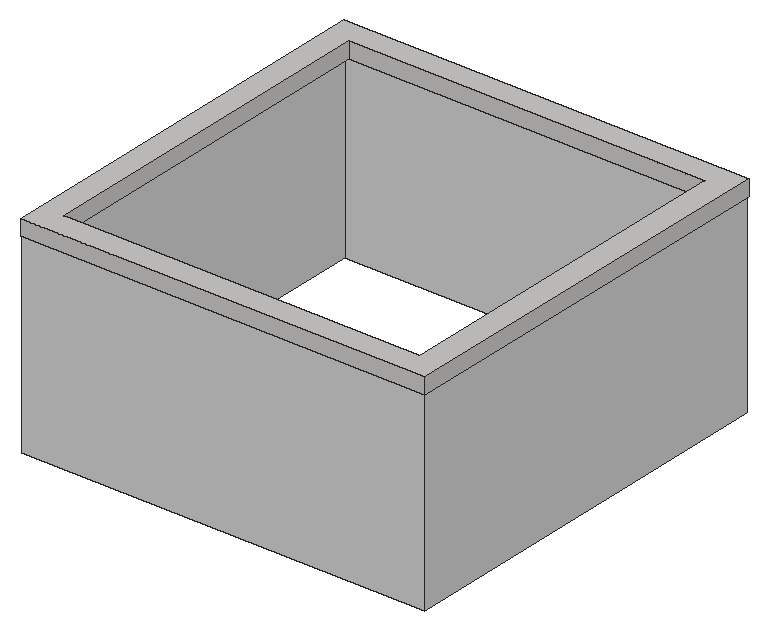
Revit family "Door-Systems_Fire-Smoke-Curtain_4-sides", category Specialty Equipment, Revit 2018
Family settings
  Round Connector Dimension = Use Diameter
  Part Type = Normal
  Work Plane-Based = No
  Always vertical = Yes
  Cut with Voids When Loaded = No
  Shared = No
  Room Calculation Point = No
Parameters
  URL = "www.doorsysinc.com"
  Manufacturer Info [instance] = "https://www.arcat.com/arcatcos/cos50/arc50183.html"  # constant formula
  Manufacturer = "DSI Smoke and FIre Curtains"
  Description = "UL10D Fire Curtain"
  Curtain_Width [instance] = 25' - 0"
  Curtain_Length [instance] = 25' - 0"
  Curtain_Height [instance] = 12' - 0"
Reference planes (in)
  plane 1 "Center (Front/Back)": y = 0
  plane 2: z = 0
  plane 3 "Center (Left/Right)": x = 0
  plane 4: z = 144
  plane 5: y = 300
  plane 6: x = 300
Dimensions and locks (in)
  "Curtain_Height": plane 4 to level
  "Curtain_Length": plane 3 "Center (Left/Right)" to plane 6
  "Curtain_Width": plane 1 "Center (Front/Back)" to plane 5
  nested 1 to plane 4 = 0' - 11 3/4"
  aligned and locked: level to plane 2
  aligned and locked: nested 1 to plane 4
  aligned and locked: plane 6 to nested 2
  aligned and locked: plane 5 to nested 2
  aligned and locked: plane 5 to nested 1
  aligned and locked: plane 6 to nested 1
Nested families (in)
  nested 1: "Head_System_4-sides" at (0, 0, 144), type "Head_System_4-sides"
    with Head_Width 25' - 0", Head_Length 25' - 0"
  nested 2: "Curtain_System_4-sides" at (0, 0, 0), Curtain_Height <- "Curtain_Height", type "Curtain_System_4-sides"
    with Curtain_Width 25' - 0", Curtain_Length 25' - 0", Curtain_Height 12' - 0"
Definition of nested family "Head_System_4-sides"
  Parameters (values of type "Head_System")
    Head_Width [instance] = 20' - 0"
    Head_Track_Width = 1' - 5 3/4"
    Head_Length [instance] = 20' - 0"
  Reference planes (in)
    plane 1 "Center (Front/Back)": y = 0
    plane 2: z = 0
    plane 3 "Center (Left/Right)": x = 0
    plane 4: x = 240
    plane 5: y = 240
    plane 6: x = 17.75
    plane 7: y = 222.25
    plane 8: x = 222.25
    plane 9: y = 17.75
    plane 10: z = 11.75
  Forms (in)
    Extrusion 1, solid
      sketch origin (0, 0, 0) x (1, 0, 0) y (0, 1, 0)
        loop
          line (0, 240) -> (0, 0) -> (240, 0) -> (240, 240) -> (0, 240)
        loop
          line (17.75, 222.25) -> (17.75, 17.75) -> (222.25, 17.75) -> (222.25, 222.25) -> (17.75, 222.25)
      from 0 to 11.75
  Dimensions and locks (in)
    "Head_Length": plane 3 "Center (Left/Right)" to plane 4
    "Head_Width": plane 1 "Center (Front/Back)" to plane 5
    "Head_Track_Width": plane 3 "Center (Left/Right)" to plane 6
    "Head_Track_Width": plane 8 to plane 4
    "Head_Track_Width": plane 7 to plane 5
    "Head_Track_Width": plane 1 "Center (Front/Back)" to plane 9
    aligned and locked: plane 2 to level
    aligned and locked: plane 5 to Extrusion 1 sketch curve
    aligned and locked: plane 3 "Center (Left/Right)" to Extrusion 1 sketch curve
    aligned and locked: Extrusion 1 sketch curve to plane 1 "Center (Front/Back)"
    aligned and locked: Extrusion 1 sketch curve to plane 4
    aligned and locked: plane 7 to Extrusion 1 sketch curve
    aligned and locked: plane 6 to Extrusion 1 sketch curve
    aligned and locked: Extrusion 1 sketch curve to plane 9
    aligned and locked: Extrusion 1 sketch curve to plane 8
    aligned and locked: Extrusion 1 to plane 10
Definition of nested family "Curtain_System_4-sides"
  Parameters (values of type "Curtain_System_4-sides")
    Curtain_Width [instance] = 20' - 0"
    Curtain_Track_Width = 0' - 11"
    Curtain_Length [instance] = 20' - 0"
    Curtain_Height [instance] = 12' - 0"
  Reference planes (in)
    plane 1 "Center (Front/Back)": y = 0
    plane 2: z = 0
    plane 3 "Center (Left/Right)": x = 0
    plane 4: x = 240
    plane 5: y = 240
    plane 6: z = 144
    plane 7: x = 17.75
    plane 8: y = 222.25
    plane 9: x = 222.25
    plane 10: y = 17.75
    plane 11: y = 0.75
    plane 12: x = 239.25
    plane 13: x = 0.75
    plane 14: x = 2.4375
    plane 15: x = 237.5625
    plane 16: y = 239.25
    plane 17: y = 237.5625
    plane 18: y = 2.4375
  Forms (in)
    Extrusion 1, solid
      sketch origin (0, 0, 0) x (1, 0, 0) y (0, 1, 0)
        loop
          line (0.75, 239.25) -> (0.75, 0.75) -> (239.25, 0.75) -> (239.25, 239.25) -> (0.75, 239.25)
        loop
          line (2.4375, 237.5625) -> (2.4375, 2.4375) -> (237.5625, 2.4375) -> (237.5625, 237.5625) -> (2.4375, 237.5625)
      from 0 to 144
  Dimensions and locks (in)
    "Curtain_Length": plane 3 "Center (Left/Right)" to plane 4
    "Curtain_Width": plane 1 "Center (Front/Back)" to plane 5
    "Curtain_Height": plane 6 to level
    locked: Extrusion 1 sketch curve to Extrusion 1 sketch curve at 1.6875  (x4)
    plane 8 to plane 17 to plane 16 to plane 5 = 1' - 3 5/16" locked, 0' - 1 11/16" locked, 0' - 0 3/4" locked
    plane 3 "Center (Left/Right)" to plane 13 to plane 14 to plane 7 = 0' - 0 3/4" locked, 0' - 1 11/16" locked, 1' - 3 5/16" locked
    plane 1 "Center (Front/Back)" to plane 11 to plane 18 to plane 10 = 0' - 0 3/4" locked, 0' - 1 11/16" locked, 1' - 3 5/16" locked
    plane 9 to plane 15 to plane 12 to plane 4 = 1' - 3 5/16" locked, 0' - 1 11/16" locked, 0' - 0 3/4" locked
    aligned and locked: plane 2 to level
    aligned and locked: Extrusion 1 to plane 6
    aligned and locked: Extrusion 1 to plane 13
  Automatic sketch dimensions
    Extrusion 1 sketch curve to plane 1 "Center (Front/Back)" = 0' - 2 7/16"
    plane 9 to Extrusion 1 sketch curve = 1' - 3 5/16"
    Extrusion 1 sketch curve to plane 14 = 0' - 0"
    Extrusion 1 sketch curve to plane 8 = 1' - 3 5/16"
